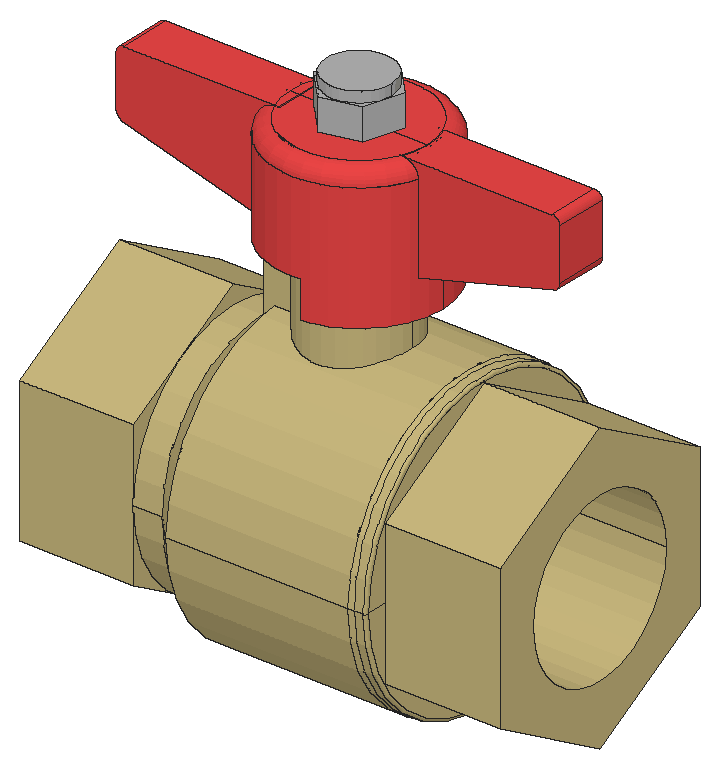
Revit family "QA00810000", category Apparecchi idraulici, Revit 2016
Family settings
  Tipo di parte = Normale
  Quota connettore circolare = Usa diametro
  Numero OmniClass = 23.45.00.00
  Titolo OmniClass = Sanitary, Laundry, and Cleaning Equipment
  Basato su piano di lavoro = No
  Sempre verticale = Sì
  Taglio con vuoti quando caricato = No
  Condiviso = No
  Punto di calcolo locali = No
Parameters
  URL = "https://web.cimberio.it/index.php/figura/361?subcategoria_id=41693"
  DN Model [instance] = QA00811032 : QA00811032
  DN [instance] = 32 mm
Reference planes
  plane 1 "Centro (Fronte/Retro)": y = 0
  plane 2: z = 0
  plane 3 "Centro (Sinistra/Destra)": x = 0
Dimensions and locks
  aligned and locked: level to plane 2
Nested families
  nested 1: "QA00811032" at (0, 0, 0), type <- "DN Model", type "QA00811032"
  nested 2: "QA00811032" at (0, 0, 0), type <- "DN Model", type "QA00811032"
  nested 3: "QA00811032" at (0, 0, 0), type <- "DN Model", type "QA00811032"
  nested 4: "QA00811032" at (0, 0, 0), type <- "DN Model", type "QA00811032"
  nested 5: "QA00811032" at (0, 0, 0), type <- "DN Model", type "QA00811032"
  nested 6: "QA00811032" at (0, 0, 0), type <- "DN Model", type "QA00811032"
  nested 7: "QA00811032" at (0, 0, 0), type <- "DN Model", type "QA00811032"
  nested 8: "QA00811032" at (0, 0, 0), type <- "DN Model", type "QA00811032"
Connectors
  piping at (45.988, 0, 0), diameter 32, driven by "DN"
    settings: on nested 1, index 1, connector inside diameter 609.6 mm, connector length 0 mm, flow factor 0, pipe flow 0.0 L/s, pressure drop 0.0 Pa, fitting loss kfactor 0, connector angle 0.00°, fixture units 0, engagement length 0 mm, angle of deflection 0.00°, flow configuration 0, flow direction 0, fitting loss method 0, system type 7, joint type 0, gender type 0, connector reference index -1, connector utility 0, adjustable connector no, is connector primary yes, connector description ""
  piping at (-45.712, 0, 0), diameter 32, driven by "DN"
    settings: on nested 1, index 2, connector inside diameter 609.6 mm, connector length 0 mm, flow factor 0, pipe flow 0.0 L/s, pressure drop 0.0 Pa, fitting loss kfactor 0, connector angle 0.00°, fixture units 0, engagement length 0 mm, angle of deflection 0.00°, flow configuration 0, flow direction 0, fitting loss method 0, system type 7, joint type 0, gender type 0, connector reference index -1, connector utility 0, adjustable connector no, is connector primary no, connector description ""
Definition of nested family "QA00811032"
  Reference planes
    plane 1 "Centro (Fronte/Retro)": y = 0
    plane 2: z = 0
    plane 3 "Centro (Sinistra/Destra)": x = 0
    plane 4: x = 120
  Forms (mm)
    Revolve 1, solid
      sketch origin (0, 0, 0) x (0, 1, 0) y (-1, 0, 0)
        loop
          line (11.385, 24) -> (11.385, -23.85) -> (27.649, -23.85)
          arc (27.649, -23.85) -> (28.067, -23.741) -> (28.25, -23.35) r 0.508
          line (28.25, -23.35) -> (28.25, -21.609) -> (28.5, -20.676) -> (28.5, 14) -> (24, 18.5) -> (24, 24) -> (11.385, 24)
        axis (0, 24) -> (0, -23.85)
      angle from 0 to 360
    Extrusion 2, solid
      sketch origin (-24, 0, 0) x (0, 1, 0) y (0, 0, -1)
        loop
          circle (0, 0) r 16
        loop
          line (0, 27.4) -> (-23.729, 13.7) -> (-23.729, -13.7) -> (0, -27.4) -> (23.729, -13.7) -> (23.729, 13.7) -> (0, 27.4)
      from 0 to 21.712
    Extrusion 3, solid
      sketch origin (24, 0, 0) x (0, 1, 0) y (0, 0, 1)
        loop
          circle (0, 0) r 16
        loop
          line (0, -27.4) -> (23.729, -13.7) -> (23.729, 13.7) -> (0, 27.4) -> (-23.729, 13.7) -> (-23.729, -13.7) -> (0, -27.4)
      from -0.512 to 21.988
    Extrusion 4, solid
      sketch origin (0, 0, 58.3) x (0, 1, 0) y (-1, 0, 0)
        loop
          circle (0, 0) r 10.2
        loop
          circle (0, 0) r 7.709
      from -35.267 to -1.538
    Revolve 5, solid
      sketch origin (0, 0, 0) x (1, 0, 0) y (0, 0, 1)
        loop
          line (0, 64.3) -> (-13.119, 64.3)
          arc (-13.119, 64.3) -> (-15.23, 63.426) -> (-16.105, 61.315) r 2.985
          line (-16.105, 61.315) -> (-16.105, 37.3) -> (-10.776, 37.3) -> (-10.776, 57.3) -> (0, 57.3) -> (0, 64.3)
        axis (0, 64.3) -> (0, 37.3)
      angle from 0 to 360
    Extrusion 6, void
      sketch origin (0, 0, 58.3) x (0, 1, 0) y (-1, 0, 0)
        loop
          arc (0, 16.105) -> (-11.986, 10.756) -> (-16.01, -1.738) r 16.105
          line (-16.01, -1.738) -> (-10.635, -1.738)
          arc (-10.635, -1.738) -> (-8.211, 6.978) -> (0, 10.776) r 10.776
          line (0, 10.776) -> (0, 16.105)
      from -22.832 to -14
    Extrusion 7, solid
      sketch origin (0, 0, 0) x (1, 0, 0) y (0, 0, 1)
        loop
          line (-11.294, 64.3) -> (-40.872, 64.3)
          arc (-40.872, 64.3) -> (-41.925, 63.864) -> (-42.362, 62.81) r 1.49
          line (-42.362, 62.81) -> (-42.362, 52.961)
          arc (-42.362, 52.961) -> (-42.041, 52.03) -> (-41.215, 51.493) r 1.513
          line (-41.215, 51.493) -> (-15.314, 44.553) -> (-11.294, 64.3)
        loop
          line (11.294, 64.3) -> (15.314, 44.553) -> (41.215, 51.493)
          arc (41.215, 51.493) -> (42.041, 52.03) -> (42.362, 52.961) r 1.513
          line (42.362, 52.961) -> (42.362, 62.81)
          arc (42.362, 62.81) -> (41.925, 63.864) -> (40.872, 64.3) r 1.49
          line (40.872, 64.3) -> (11.294, 64.3)
      from -5 to 5
    Extrusion 8, solid
      sketch origin (0, 0, 58.3) x (0, 1, 0) y (-1, 0, 0)
        loop
          line (-7.178, 2.194) -> (-5.489, -5.119) -> (1.688, -7.313) -> (7.178, -2.194) -> (5.489, 5.119) -> (-1.688, 7.313) -> (-7.178, 2.194)
      from 6 to 12
    Extrusion 9, solid
      sketch origin (0, 0, 70.3) x (0, 1, 0) y (-1, 0, 0)
        loop
          circle (0, 0) r 6.25
      from 0 to 2
    Extrusion 10, solid
      sketch origin (0, 0, 70.3) x (0, 1, 0) y (-1, 0, 0)
        loop
          line (0, 16.105) -> (-2.552, 16.105) -> (-2.552, 8.871) -> (0, 8.871) -> (0, 16.105)
      from -47.267 to -28.064
  Cuts and joins
    Extrusion 6 cuts Revolve 5
    joined: Revolve 1, Extrusion 4, Extrusion 10
  Dimensions and locks
    aligned and locked: level to plane 2
